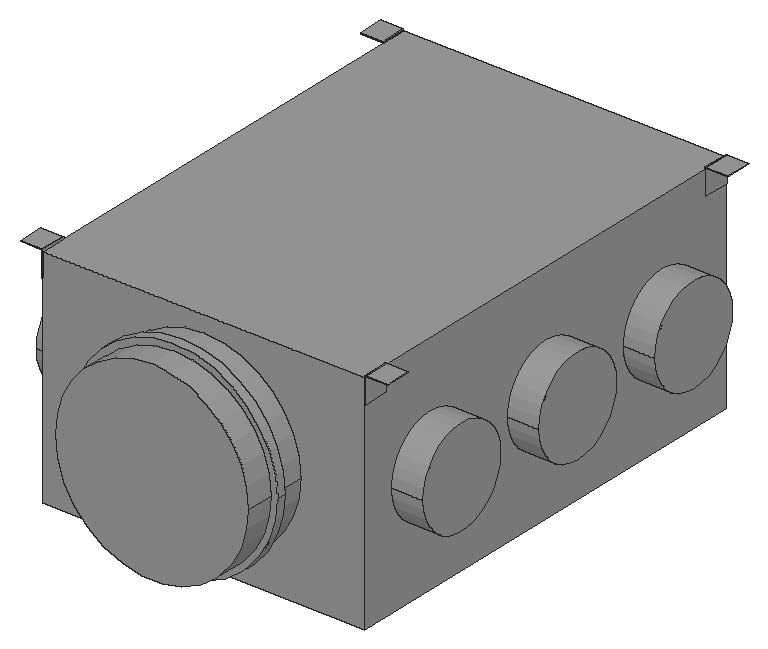
Revit family "FASU(F7-150 300Φ)", category ダクト付属品, Revit 2021
Family settings
  丸型コネクタ寸法 = 直径を使用
  パーツ タイプ = ダンパー
  OmniClass 番号 = 23.75.00.00
  OmniClass タイトル = Climate Control (HVAC)
  作業面ベース = いいえ
  常に垂直 = はい
  ロード時にボイドで切り取り = いいえ
  共有 = いいえ
Parameters
  高さ = 350 mm
  風量 = 0.0 L/s
  符号 = "FASU"
  形式 = "F7-150 300φ"
  幅 [instance] = 500 mm
  奥行き = 700 mm
  大きさ = 250 mm
  呼称 = "FASUチャンバー"
  付属品_下端レベル [instance] = 0 mm
  マテリアル [instance] = 既定値
  ダクト_イン = 300 mm
  ダクト_アウト = 150 mm
  既定の高さ = 0 mm
Reference planes
  plane 1 "中心(正面/背面)": y = 0
  plane 2: z = 0
  plane 3 "中心(左/右)": x = 0
  plane 4: x = -250
  plane 5: x = 250
  plane 6: y = -700
  plane 7: z = 350
  plane 8: z = 175
  plane 9: z = 266.963
  plane 10: z = 86.159
  plane 11: x = -251
  plane 12: z = 313.122
  plane 13: z = 352.122
  plane 14: y = -350
Forms (mm)
  Extrusion 1, solid, material "既定値" <- "マテリアル"
    sketch origin (0, 0, 0) x (1, 0, 0) y (0, 1, 0)
      loop
        line (-250, 0) -> (-250, -700) -> (250, -700) -> (250, 0) -> (-250, 0)
    from 0 to 350
  Extrusion 2, solid, material "既定値" <- "マテリアル"
    sketch origin (0, -30, 0) x (1, 0, 0) y (0, 1, 0)
      loop
        line (-250, 30) -> (-251, 30) -> (-251, -10) -> (-250, -10) -> (-250, 30)
    from 313.122 to 350
  Extrusion 3, solid, material "既定値" <- "マテリアル"
    sketch origin (0, -30, 0) x (1, 0, 0) y (0, 1, 0)
      loop
        line (-285, 30) -> (-285, -10) -> (-251, -10) -> (-251, 30) -> (-285, 30)
    from 352.122 to 350
  Extrusion 4, solid, material "既定値" <- "マテリアル"
    sketch origin (0, -30, 0) x (-1, 0, 0) y (0, -1, 0)
      loop
        line (-250, -30) -> (-250, 10) -> (-251, 10) -> (-251, -30) -> (-250, -30)
    from 313.122 to 353.122
  Extrusion 5, solid, material "既定値" <- "マテリアル"
    sketch origin (0, -30, 0) x (-1, 0, 0) y (0, -1, 0)
      loop
        line (-285, -30) -> (-251, -30) -> (-251, 10) -> (-285, 10) -> (-285, -30)
    from 352.122 to 353.122
  Extrusion 6, solid, material "既定値" <- "マテリアル"
    sketch origin (0, -490, 0) x (1, 0, 0) y (0, 1, 0)
      loop
        line (-285, -170) -> (-285, -210) -> (-251, -210) -> (-251, -170) -> (-285, -170)
    from 352.122 to 353.122
  Extrusion 7, solid, material "既定値" <- "マテリアル"
    sketch origin (0, -490, 0) x (1, 0, 0) y (0, 1, 0)
      loop
        line (-250, -170) -> (-251, -170) -> (-251, -210) -> (-250, -210) -> (-250, -170)
    from 313.122 to 353.122
  Extrusion 8, solid, material "既定値" <- "マテリアル"
    sketch origin (0, -490, 0) x (-1, 0, 0) y (0, -1, 0)
      loop
        line (-285, 170) -> (-251, 170) -> (-251, 210) -> (-285, 210) -> (-285, 170)
    from 352.122 to 353.122
  Extrusion 9, solid, material "既定値" <- "マテリアル"
    sketch origin (0, -490, 0) x (-1, 0, 0) y (0, -1, 0)
      loop
        line (-250, 170) -> (-250, 210) -> (-251, 210) -> (-251, 170) -> (-250, 170)
    from 313.122 to 353.122
  Extrusion 10, solid, material "既定値" <- "マテリアル"
    sketch origin (550, -582.5, 0) x (0, -1, 0) y (0, 0, -1)
      loop
        circle (-232.5, -175) r 74.985
    from -300 to -250
  Extrusion 11, solid, material "既定値" <- "マテリアル"
    sketch origin (-550, -582.5, 0) x (0, -1, 0) y (0, 0, 1)
      loop
        circle (-232.5, 175) r 74.985
    from -300 to -250
  Extrusion 12, solid, material "既定値" <- "マテリアル"
    sketch origin (0, -700, 0) x (1, 0, 0) y (0, 0, 1)
      loop
        circle (0, 175) r 150
    from 0 to 42.5
  Extrusion 13, solid, material "既定値" <- "マテリアル"
    sketch origin (0, -743, 0) x (1, 0, 0) y (0, 0, 1)
      loop
        circle (0, 175) r 160
    from -0.5 to 14.5
  Extrusion 14, solid, material "既定値" <- "マテリアル"
    sketch origin (0, -757.5, 0) x (1, 0, 0) y (0, 0, 1)
      loop
        circle (0, 175) r 150
    from 0 to 42.5
  Extrusion 15, solid, material "既定値" <- "マテリアル"
    sketch origin (550, -357.5, 0) x (0, -1, 0) y (0, 0, -1)
      loop
        circle (-232.5, -175) r 74.985
    from -300 to -250
  Extrusion 16, solid, material "既定値" <- "マテリアル"
    sketch origin (-550, -357.5, 0) x (0, -1, 0) y (0, 0, 1)
      loop
        circle (-232.5, 175) r 74.985
    from -300 to -250
  Extrusion 17, solid, material "既定値" <- "マテリアル"
    sketch origin (550, -142.5, 0) x (0, 1, 0) y (0, 0, 1)
      loop
        circle (-432.5, 175) r 74.985
    from -300 to -250
  Extrusion 18, solid, material "既定値" <- "マテリアル"
    sketch origin (0, -142.5, 0) x (0, 1, 0) y (0, 0, 1)
      loop
        circle (-432.5, 175) r 74.985
    from -300 to -250
  Extrusion 19, solid, material "既定値" <- "マテリアル"
    sketch origin (232.5, 300, 0) x (1, 0, 0) y (0, 0, -1)
      loop
        circle (-232.5, -175) r 74.985
    from -300 to -250
Lines and regions (mm)
  model lines
    curve 1: line (-250, -30, 0) -> (250, -30, 0)
    curve 2: line (-250, -670, 0) -> (250, -670, 0)
Text (mm)
  text "FASU(F7-150 300Φ)" at (3.713, -630.412, 0), in view "参照レベル"
Dimensions and locks
  equal spacing: plane 4, plane 3 "中心(左/右)", plane 5
  "幅": plane 4 to plane 5
  "奥行き": plane 6 to plane 1 "中心(正面/背面)"
  "高さ": plane 7 to level
  equal spacing: plane 7, plane 8, level
  equal spacing: plane 6, plane 14, plane 1 "中心(正面/背面)"
  aligned and locked: level to plane 2
  aligned and locked: Extrusion 1 sketch curve to plane 5
  aligned and locked: plane 7 to Extrusion 1
  aligned and locked: Extrusion 2 sketch curve to Extrusion 1
  aligned and locked: plane 7 to Extrusion 2
  aligned and locked: Extrusion 3 sketch curve to Extrusion 2
  aligned and locked: Extrusion 2 to Extrusion 3 sketch curve
  aligned and locked: plane 7 to Extrusion 3
  aligned and locked: Extrusion 3 to plane 13
  aligned and locked: Extrusion 4 to Extrusion 5 sketch curve
  aligned and locked: Extrusion 5 sketch curve to Extrusion 4
  aligned and locked: Extrusion 1 to Extrusion 8
  aligned and locked: Extrusion 6 to Extrusion 1
  aligned and locked: Extrusion 7 to Extrusion 1
  aligned and locked: Extrusion 1 to Extrusion 9
  aligned and locked: Extrusion 9 to Extrusion 8
  aligned and locked: Extrusion 7 to Extrusion 6
  aligned and locked: plane 4 to Extrusion 7
  aligned and locked: Extrusion 9 to plane 5
  aligned and locked: plane 4 to curve 1
  aligned and locked: plane 5 to curve 1
  aligned and locked: plane 5 to curve 2
  aligned and locked: Extrusion 1 to Extrusion 3
  aligned and locked: Extrusion 5 to Extrusion 1
  aligned and locked: Extrusion 4 to plane 5
  aligned and locked: Extrusion 1 to plane 6
  aligned and locked: Extrusion 1 to plane 1 "中心(正面/背面)"
  aligned and locked: plane 6 to Extrusion 12
  aligned and locked: Extrusion 15 to plane 5
  aligned and locked: plane 4 to Extrusion 16
  aligned and locked: Extrusion 17 to plane 5
  aligned and locked: plane 4 to Extrusion 18
Automatic sketch dimensions
  curve 2 to plane 4 = 0 mm
  plane 6 to curve 2 = 30 mm
  plane 1 "中心(正面/背面)" to curve 1 = 30 mm
  Extrusion 1 sketch curve to plane 4 = 0 mm
  Extrusion 1 sketch curve to plane 6 = 0 mm
  plane 1 "中心(正面/背面)" to Extrusion 1 sketch curve = 0 mm
  plane 1 "中心(正面/背面)" to Extrusion 2 sketch curve = 0 mm
  Extrusion 2 sketch curve to plane 11 = 0 mm
  Extrusion 2 sketch curve to Extrusion 2 sketch curve = 40 mm
  plane 1 "中心(正面/背面)" to Extrusion 3 sketch curve = 0 mm
  Extrusion 3 sketch curve to Extrusion 3 sketch curve = 34 mm
  plane 1 "中心(正面/背面)" to Extrusion 4 sketch curve = 0 mm
  Extrusion 4 sketch curve to plane 5 = 0 mm
  Extrusion 4 sketch curve to Extrusion 4 sketch curve = 1 mm
  Extrusion 4 sketch curve to Extrusion 4 sketch curve = 40 mm
  plane 1 "中心(正面/背面)" to Extrusion 5 sketch curve = 0 mm
  Extrusion 5 sketch curve to Extrusion 5 sketch curve = 34 mm
  Extrusion 6 sketch curve to plane 6 = 0 mm
  Extrusion 6 sketch curve to plane 11 = 0 mm
  Extrusion 6 sketch curve to plane 11 = 34 mm
  plane 6 to Extrusion 6 sketch curve = 40 mm
  Extrusion 7 sketch curve to plane 11 = 0 mm
  Extrusion 7 sketch curve to plane 4 = 0 mm
  Extrusion 7 sketch curve to plane 6 = 0 mm
  plane 6 to Extrusion 7 sketch curve = 40 mm
  Extrusion 8 sketch curve to plane 6 = 0 mm
  Extrusion 8 sketch curve to plane 5 = 35 mm
  Extrusion 8 sketch curve to plane 5 = 1 mm
  Extrusion 8 sketch curve to Extrusion 8 sketch curve = 40 mm
  Extrusion 9 sketch curve to plane 6 = 0 mm
  Extrusion 9 sketch curve to plane 5 = 0 mm
  Extrusion 9 sketch curve to Extrusion 9 sketch curve = 1 mm
  Extrusion 9 sketch curve to Extrusion 9 sketch curve = 40 mm
  Extrusion 10 sketch curve to plane 8 = 0 mm
  Extrusion 10 sketch curve to plane 14 = 0 mm
  Extrusion 11 sketch curve to plane 8 = 0 mm
  Extrusion 11 sketch curve to plane 14 = 0 mm
  Extrusion 12 sketch curve to plane 3 "中心(左/右)" = 0 mm
  Extrusion 12 sketch curve to plane 8 = 0 mm
  Extrusion 13 sketch curve to plane 3 "中心(左/右)" = 0 mm
  Extrusion 13 sketch curve to plane 8 = 0 mm
  Extrusion 14 sketch curve to plane 3 "中心(左/右)" = 0 mm
  Extrusion 14 sketch curve to plane 8 = 0 mm
  Extrusion 15 sketch curve to plane 8 = 0 mm
  plane 1 "中心(正面/背面)" to Extrusion 15 sketch curve = 125 mm
  Extrusion 16 sketch curve to plane 8 = 0 mm
  plane 1 "中心(正面/背面)" to Extrusion 16 sketch curve = 125 mm
  Extrusion 17 sketch curve to plane 8 = 0 mm
  plane 6 to Extrusion 17 sketch curve = 125 mm
  Extrusion 18 sketch curve to plane 8 = 0 mm
  plane 6 to Extrusion 18 sketch curve = 125 mm
  Extrusion 19 sketch curve to plane 3 "中心(左/右)" = 0 mm
  Extrusion 19 sketch curve to plane 8 = 0 mm
  radius of Extrusion 10 sketch curve = 74.985 mm
  radius of Extrusion 11 sketch curve = 74.985 mm
  radius of Extrusion 12 sketch curve = 150 mm
  radius of Extrusion 13 sketch curve = 160 mm
  radius of Extrusion 14 sketch curve = 150 mm
  radius of Extrusion 15 sketch curve = 74.985 mm
  radius of Extrusion 16 sketch curve = 74.985 mm
  radius of Extrusion 17 sketch curve = 74.985 mm
  radius of Extrusion 18 sketch curve = 74.985 mm
  radius of Extrusion 19 sketch curve = 74.985 mm
Connectors
  hvac at (-300, -575, 175), driven by "ダクト_アウト"
    settings: on Extrusion 18, index 1, duct flow 0.0 L/s, flow factor 0, pres drop 0.0 Pa, loss coef 0, conn angle 0.00°, conn width 304.8 mm, conn height 304.8 mm, conn diameter 150 mm, duct sys type 29, conn prof type 0, flow config 0, flow direction 2, loss method 0, conn ref index -1, conn util no, is conn primary yes, conn desc ""
  hvac at (-300, -350, 175), driven by "ダクト_アウト"
    settings: on Extrusion 11, index 2, duct flow 0.0 L/s, flow factor 0, pres drop 0.0 Pa, loss coef 0, conn angle 0.00°, conn width 304.8 mm, conn height 304.8 mm, conn diameter 150 mm, duct sys type 29, conn prof type 0, flow config 0, flow direction 2, loss method 0, conn ref index -1, conn util no, is conn primary no, conn desc ""
  hvac at (-300, -125, 175), driven by "ダクト_アウト"
    settings: on Extrusion 16, index 3, duct flow 0.0 L/s, flow factor 0, pres drop 0.0 Pa, loss coef 0, conn angle 0.00°, conn width 304.8 mm, conn height 304.8 mm, conn diameter 150 mm, duct sys type 29, conn prof type 0, flow config 0, flow direction 2, loss method 0, conn ref index -1, conn util no, is conn primary no, conn desc ""
  hvac at (0, 50, 175), driven by "ダクト_アウト"
    settings: on Extrusion 19, index 4, duct flow 0.0 L/s, flow factor 0, pres drop 0.0 Pa, loss coef 0, conn angle 0.00°, conn width 304.8 mm, conn height 304.8 mm, conn diameter 150 mm, duct sys type 29, conn prof type 0, flow config 0, flow direction 2, loss method 0, conn ref index -1, conn util no, is conn primary no, conn desc ""
  hvac at (300, -125, 175), driven by "ダクト_アウト"
    settings: on Extrusion 15, index 5, duct flow 0.0 L/s, flow factor 0, pres drop 0.0 Pa, loss coef 0, conn angle 0.00°, conn width 304.8 mm, conn height 304.8 mm, conn diameter 150 mm, duct sys type 29, conn prof type 0, flow config 0, flow direction 2, loss method 0, conn ref index -1, conn util no, is conn primary no, conn desc ""
  hvac at (300, -350, 175), driven by "ダクト_アウト"
    settings: on Extrusion 10, index 6, duct flow 0.0 L/s, flow factor 0, pres drop 0.0 Pa, loss coef 0, conn angle 0.00°, conn width 304.8 mm, conn height 304.8 mm, conn diameter 150 mm, duct sys type 29, conn prof type 0, flow config 0, flow direction 2, loss method 0, conn ref index -1, conn util no, is conn primary no, conn desc ""
  hvac at (300, -575, 175), driven by "ダクト_アウト"
    settings: on Extrusion 17, index 7, duct flow 0.0 L/s, flow factor 0, pres drop 0.0 Pa, loss coef 0, conn angle 0.00°, conn width 304.8 mm, conn height 304.8 mm, conn diameter 150 mm, duct sys type 29, conn prof type 0, flow config 0, flow direction 2, loss method 0, conn ref index -1, conn util no, is conn primary no, conn desc ""
  hvac at (0, -800, 175), driven by "ダクト_イン"
    settings: on Extrusion 14, index 8, duct flow 0.0 L/s, flow factor 0, pres drop 0.0 Pa, loss coef 0, conn angle 0.00°, conn width 304.8 mm, conn height 304.8 mm, conn diameter 300 mm, duct sys type 1, conn prof type 0, flow config 0, flow direction 1, loss method 0, conn ref index -1, conn util no, is conn primary no, conn desc ""
